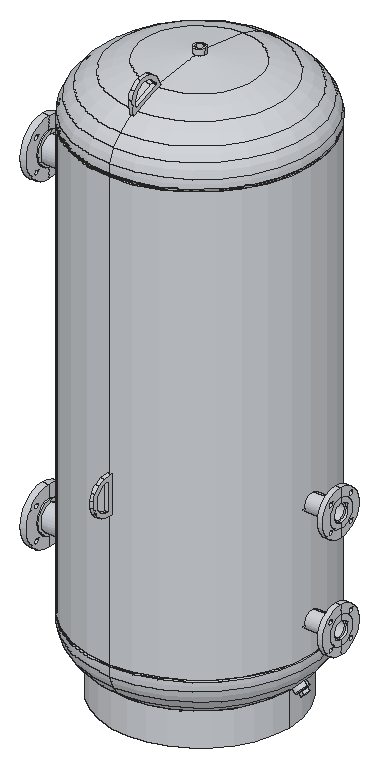
Revit family "HBT-210-23", category Generic Models, Revit 2014
Parameters (values of type "HBT-210-23")
  height [instance] = 75"
  URL = "http://westank.com/"
  Tank Volume = 210 gal
  Part Number = 55642123
  Model = "HBT-210-23"
  Maximum Shipping Weight = 426 lbf
  G = 14"
  F = 28"
  E = 58"
  Description = "Wessels ASME 4 Port Hot Water Buffer Tanks (HBT) are designed for use with today’s high efficiency systems that incorporate small modular low-mass boiler."
  D = 76 1/2"
  C = 30"
  B = 3"
  A = 2"
Reference planes (in)
  plane 1 "Center (Front/Back)": y = 0
  plane 2: z = 0
  plane 3 "Center (Left/Right)": x = 0
  plane 4: through (12.55282, -180, 5.24135) normal (0.8192, 0, -0.5736)
  plane 5: x = -15
  plane 6: x = 15
  plane 7: z = 0
  plane 8: y = 15
  plane 9: y = -15
  plane 10: x = -12
  plane 11: x = 12
  plane 12: z = 76.5
  plane 13: z = 58
  plane 14: z = 28
  plane 15: z = 14
Forms (in)
  Revolve 1, solid
    sketch origin (0, -0.02461, 0) x (0, 1, 0) y (0, 0, 1)
      loop
        line (-14.97539, 9.87397) -> (-14.812, 9.87397)
        arc (-14.812, 9.87397) -> (-14.83596, 9.78454) -> (-14.90143, 9.71907) r 0.17887
        arc (-14.90143, 9.71907) -> (-14.94991, 9.64836) -> (-14.97579, 9.56662) r 0.29232
        arc (-14.97579, 9.56662) -> (-14.96586, 8.98455) -> (-14.89468, 8.40676) r 5.51955
        arc (-14.89468, 8.40676) -> (-14.65184, 7.56116) -> (-14.23912, 6.78419) r 4.22443
        arc (-14.23912, 6.78419) -> (-13.71208, 6.0842) -> (-13.11424, 5.44361) r 8.30764
        arc (-13.11424, 5.44361) -> (-11.99363, 4.5369) -> (-10.73315, 3.83755) r 8.30764
        arc (-10.73315, 3.83755) -> (-9.02248, 3.06195) -> (-7.23223, 2.49367) r 15.88746
        arc (-7.23223, 2.49367) -> (-3.63165, 1.79117) -> (0.02461, 1.49214) r 33.04234
        line (0.02461, 1.49214) -> (0.02461, 1.66407)
        arc (0.02461, 1.66407) -> (-3.61037, 1.96174) -> (-7.19, 2.66027) r 32.87047
        arc (-7.19, 2.66027) -> (-8.96351, 3.22342) -> (-10.65802, 3.99223) r 15.71558
        arc (-10.65802, 3.99223) -> (-11.8952, 4.67783) -> (-12.99495, 5.56734) r 8.13577
        arc (-12.99495, 5.56734) -> (-13.58042, 6.19468) -> (-14.09655, 6.88019) r 8.13577
        arc (-14.09655, 6.88019) -> (-14.49248, 7.62554) -> (-14.72544, 8.43674) r 4.05256
        arc (-14.72544, 8.43674) -> (-14.79395, 8.9901) -> (-14.80447, 9.54759) r 5.34767
        arc (-14.80447, 9.54759) -> (-14.7971, 9.56945) -> (-14.78569, 9.5895) r 0.12044
        arc (-14.78569, 9.5895) -> (-14.67439, 9.72277) -> (-14.64064, 9.89308) r 0.35074
        line (-14.64064, 9.89308) -> (-14.84715, 9.89308) -> (-14.84715, 68.08064) -> (-14.64151, 68.08064)
        arc (-14.64151, 68.08064) -> (-14.67184, 68.25757) -> (-14.78573, 68.39633) r 0.35074
        arc (-14.78573, 68.39633) -> (-14.79712, 68.41638) -> (-14.80449, 68.43823) r 0.12045
        arc (-14.80449, 68.43823) -> (-14.79397, 68.99572) -> (-14.72546, 69.54908) r 5.34768
        arc (-14.72546, 69.54908) -> (-14.4925, 70.36028) -> (-14.09657, 71.10564) r 4.05257
        arc (-14.09657, 71.10564) -> (-13.58043, 71.79115) -> (-12.99497, 72.41848) r 8.13578
        arc (-12.99497, 72.41848) -> (-11.89524, 73.30799) -> (-10.65807, 73.99358) r 8.13578
        arc (-10.65807, 73.99358) -> (-8.96355, 74.76239) -> (-7.19005, 75.32553) r 15.71558
        arc (-7.19005, 75.32553) -> (-3.61055, 76.02404) -> (0.02429, 76.32172) r 32.87045
        line (0.02429, 76.32172) -> (0.02429, 76.49546)
        arc (0.02429, 76.49546) -> (-3.63245, 76.19641) -> (-7.2335, 75.49382) r 33.04334
        arc (-7.2335, 75.49382) -> (-9.02402, 74.92542) -> (-10.73493, 74.14967) r 15.88853
        arc (-10.73493, 74.14967) -> (-11.99625, 73.44992) -> (-13.11754, 72.54258) r 8.30893
        arc (-13.11754, 72.54258) -> (-13.7162, 71.90114) -> (-14.24389, 71.20015) r 8.30923
        arc (-14.24389, 71.20015) -> (-14.65697, 70.4227) -> (-14.90005, 69.57655) r 4.22701
        arc (-14.90005, 69.57655) -> (-14.97148, 68.99602) -> (-14.98111, 68.41119) r 5.52257
        arc (-14.98111, 68.41119) -> (-14.95423, 68.32481) -> (-14.90267, 68.25048) r 0.29803
        arc (-14.90267, 68.25048) -> (-14.837, 68.18345) -> (-14.81302, 68.09272) r 0.18362
        line (-14.81302, 68.09272) -> (-14.97539, 68.09272) -> (-14.97539, 9.87397)
      axis (0.02461, 1.49214) -> (0.02461, 76.49546)
    angle from 0 to 360
  Revolve 2, solid
    sketch origin (-2, 0, 43.49869) x (-1, 0, 0) y (0, 0, 1)
      loop
        line (17.81367, 12.75376) -> (17.81367, 12.37446) -> (18.06367, 12.37446) -> (18.06367, 10.7502) -> (18.9375, 10.7502) -> (18.9375, 12.18553) -> (19, 12.18553) -> (19, 12.75376) -> (17.81367, 12.75376)
      axis (19, 14.50013) -> (17.81367, 14.50013)
    angle from 0 to 360
  Revolve 3, solid
    sketch origin (-1.82085, 0, 2.88409) x (0.981353, 0, -0.192215) y (0.192215, 0, 0.981353)
      loop
        line (14.71753, 6.11956) -> (14.66586, 6.1556) -> (14.25436, 5.56561) -> (14.86992, 5.13627) -> (15.24588, 5.6753) -> (15.19462, 5.71106) -> (15.31904, 5.88945) -> (14.80641, 6.24699) -> (14.71753, 6.11956)
      axis (14.25436, 5.56561) -> (14.86992, 5.13627)
    angle from 0 to 360
  Extrusion 4, solid
    sketch origin (13.38203, -180, 6.13049) x (0.718765, 0, 0.695254) y (0, -1, 0)
      loop
        line (-0.16036, -179.52645) -> (-0.95521, -179.68698) -> (-0.79485, -180.48095) -> (0, -180.32042) -> (-0.16036, -179.52645)
    from 1.02698 to 1.52678
  Extrusion 5, solid
    sketch origin (0, -3.06035, 6.47257) x (0, 1, 0) y (0, 0, 1)
      loop
        line (-11.93439, 21.33067) -> (-11.93439, 26.202)
        arc (-11.93439, 26.202) -> (-12.47846, 26.15164) -> (-13.01533, 26.05008) r 5.77422
        arc (-13.01533, 26.05008) -> (-13.49297, 25.89754) -> (-13.94252, 25.67548) r 3.35288
        arc (-13.94252, 25.67548) -> (-14.34081, 25.36666) -> (-14.64962, 24.96837) r 2.0073
        arc (-14.64962, 24.96837) -> (-14.80343, 24.58932) -> (-14.88788, 24.18906) r 2.30742
        arc (-14.88788, 24.18906) -> (-14.91277, 23.77188) -> (-14.88788, 23.3547) r 3.50846
        arc (-14.88788, 23.3547) -> (-14.79412, 22.92876) -> (-14.61961, 22.52904) r 2.24053
        arc (-14.61961, 22.52904) -> (-14.27401, 22.08806) -> (-13.80999, 21.77406) r 1.8078
        arc (-13.80999, 21.77406) -> (-13.34321, 21.55591) -> (-12.84107, 21.44044) r 2.44481
        arc (-12.84107, 21.44044) -> (-12.39043, 21.36326) -> (-11.93439, 21.33067) r 4.65484
      loop
        arc (-12.44611, 25.63929) -> (-12.67227, 25.60073) -> (-12.89654, 25.55235) r 5.2625
        arc (-12.89654, 25.55235) -> (-13.30128, 25.42308) -> (-13.68221, 25.23491) r 2.84116
        arc (-13.68221, 25.23491) -> (-13.97364, 25.01013) -> (-14.20134, 24.72098) r 1.49558
        arc (-14.20134, 24.72098) -> (-14.3163, 24.43235) -> (-14.37979, 24.12821) r 1.7957
        arc (-14.37979, 24.12821) -> (-14.40106, 23.77188) -> (-14.37979, 23.41555) r 2.99674
        arc (-14.37979, 23.41555) -> (-14.30745, 23.08689) -> (-14.17279, 22.77846) r 1.72881
        arc (-14.17279, 22.77846) -> (-13.91552, 22.45353) -> (-13.56884, 22.22643) r 1.29608
        arc (-13.56884, 22.22643) -> (-13.1779, 22.0402) -> (-12.75531, 21.94566) r 1.9331
        arc (-12.75531, 21.94566) -> (-12.60126, 21.91347) -> (-12.44611, 21.88716) r 4.14312
        line (-12.44611, 21.88716) -> (-12.44611, 25.63929)
    from -0.24366 to 0.25634
  Extrusion 6, solid
    sketch origin (0, -26.96034, 55.24184) x (0, 0.366501, -0.930418) y (0, 0.930418, 0.366501)
      loop
        arc (-12.0461, 25.71684) -> (-12.27227, 25.67827) -> (-12.49653, 25.62989) r 5.2625
        arc (-12.49653, 25.62989) -> (-12.90127, 25.50063) -> (-13.28221, 25.31246) r 2.84116
        arc (-13.28221, 25.31246) -> (-13.57363, 25.08767) -> (-13.80134, 24.79853) r 1.49558
        arc (-13.80134, 24.79853) -> (-13.9163, 24.50989) -> (-13.97979, 24.20576) r 1.7957
        arc (-13.97979, 24.20576) -> (-14.00105, 23.84943) -> (-13.97979, 23.4931) r 2.99674
        arc (-13.97979, 23.4931) -> (-13.90744, 23.16443) -> (-13.77279, 22.85601) r 1.72881
        arc (-13.77279, 22.85601) -> (-13.51552, 22.53108) -> (-13.16884, 22.30397) r 1.29608
        arc (-13.16884, 22.30397) -> (-12.77789, 22.11774) -> (-12.35531, 22.02321) r 1.9331
        arc (-12.35531, 22.02321) -> (-12.20126, 21.99102) -> (-12.0461, 21.9647) r 4.14312
        line (-12.0461, 21.9647) -> (-12.0461, 25.71684)
      loop
        line (-11.21056, 21.38893) -> (-11.21056, 26.21559)
        arc (-11.21056, 26.21559) -> (-12.19615, 26.22001) -> (-13.14349, 25.94808) r 3.48194
        arc (-13.14349, 25.94808) -> (-13.66357, 25.64991) -> (-14.11481, 25.25524) r 3.03185
        arc (-14.11481, 25.25524) -> (-14.39878, 24.60234) -> (-14.51622, 23.90011) r 2.91879
        arc (-14.51622, 23.90011) -> (-14.4511, 23.22451) -> (-14.20241, 22.59298) r 2.44012
        arc (-14.20241, 22.59298) -> (-13.8323, 22.13222) -> (-13.33474, 21.8133) r 1.83162
        arc (-13.33474, 21.8133) -> (-12.29509, 21.48877) -> (-11.21056, 21.38893) r 5.1769
    from -0.24366 to 0.25634
  Extrusion 7, solid
    sketch origin (0, 0, 4.6083) x (1, 0, 0) y (0, 1, 0)
      loop
        circle (0, 0) r 0.75
      loop
        circle (0, 0) r 0.5
    from 71.36613 to 72.49354
  Extrusion 8, void
    sketch origin (0.18835, 0.13917, 43.91629) x (0, 1, 0) y (0, 0, -1)
      loop
        circle (1.95902, -16.21103) r 0.37532
      loop
        circle (2.0068, -11.95417) r 0.37532
      loop
        circle (-2.26242, -16.18597) r 0.37532
      loop
        circle (-2.23501, -11.97923) r 0.37532
    from 16.8799 to 22.93835
  Extrusion 9, void
    sketch origin (0, 0, 0) x (1, 0, 0) y (0, 1, 0)
      loop
        circle (0, 0) r 0.5
    from 73.75623 to 78.80827
  Revolve 10, solid
    sketch origin (0, 0, 0) x (1, 0, 0) y (0, 0, 1)
      loop
        line (11.87609, 4.44941) -> (11.87609, 0) -> (12, 0) -> (12, 4.44941) -> (11.87609, 4.44941)
      axis (0, 4.44941) -> (0, 0)
    angle from 0 to 360
  Revolve 11, solid
    sketch origin (0.18835, 0, 43.49878) x (1, 0, 0) y (0, 0, 1)
      loop
        line (-14.37585, 12.96677) -> (-20.86949, 12.96677) -> (-20.86949, 12.74998) -> (-14.37585, 12.74998) -> (-14.37585, 12.96677)
      axis (-20.86949, 14.50013) -> (-14.37585, 14.50013)
    angle from 0 to 360
  Revolve 12, solid
    sketch origin (-2, 0, -0.50163) x (-1, 0, 0) y (0, 0, 1)
      loop
        line (17.81367, 12.75376) -> (17.81367, 12.37446) -> (18.06367, 12.37446) -> (18.06367, 10.7502) -> (18.9375, 10.7502) -> (18.9375, 12.18553) -> (19, 12.18553) -> (19, 12.75376) -> (17.81367, 12.75376)
      axis (19, 14.50013) -> (17.81367, 14.50013)
    angle from 0 to 360
  Revolve 13, solid
    sketch origin (0.18835, 0, -0.50153) x (1, 0, 0) y (0, 0, 1)
      loop
        line (-14.37585, 12.96677) -> (-20.86949, 12.96677) -> (-20.86949, 12.74998) -> (-14.37585, 12.74998) -> (-14.37585, 12.96677)
      axis (-20.86949, 14.50013) -> (-14.37585, 14.50013)
    angle from 0 to 360
  Extrusion 14, void
    sketch origin (0.18835, 0.13917, -0.08402) x (0, 1, 0) y (0, 0, -1)
      loop
        circle (1.95902, -16.21103) r 0.37532
      loop
        circle (2.0068, -11.95417) r 0.37532
      loop
        circle (-2.26242, -16.18597) r 0.37532
      loop
        circle (-2.23501, -11.97923) r 0.37532
    from 16.8799 to 22.93835
  Extrusion 15, void
    sketch origin (-28.30289, 0, -0.25308) x (0, 1, 0) y (0, 0, 1)
      loop
        circle (0, 14.25) r 1.53336
    from 0.25634 to 23.93552
  Extrusion 16, void
    sketch origin (-28.30289, 0, 43.74723) x (0, 1, 0) y (0, 0, 1)
      loop
        circle (0, 14.25) r 1.53336
    from 0.25634 to 23.93552
  Extrusion 17, void
    sketch origin (0.90101, 0, -9.75098) x (0, 1, 0) y (0, 0, 1)
      loop
        circle (0, 23.75098) r 1.03153
    from 10.06157 to 17.27456
  Revolve 18, solid
    sketch origin (-7.11882, 0, 1.28348) x (1, 0, 0) y (0, 0, 1)
      loop
        line (24.99382, 11.53157) -> (24.99382, 10.96875) -> (25.24382, 10.96875) -> (25.24382, 9.71837) -> (25.93132, 9.71837) -> (25.93132, 10.90594) -> (25.99382, 10.90594) -> (25.99382, 11.53157) -> (24.99382, 11.53157)
      axis (25.99382, 12.71652) -> (24.99382, 12.71652)
    angle from 0 to 360
  Revolve 19, solid
    sketch origin (-5.17131, 0, 1.5) x (-1, 0, 0) y (0, 0, -1)
      loop
        line (-17.17131, -11.46847) -> (-17.17131, -11.31445) -> (-23.67131, -11.31445) -> (-23.67131, -11.46847) -> (-17.17131, -11.46847)
      axis (-23.67131, -12.5) -> (-17.17131, -12.5)
    angle from 0 to 360
  Extrusion 20, void
    sketch origin (2.87592, 0, 1.00195) x (0, 1, 0) y (0, 0, 1)
      loop
        circle (1.68454, 14.67389) r 0.38273
      loop
        circle (-1.69766, 14.67389) r 0.37635
      loop
        circle (-1.66641, 11.31003) r 0.35289
      loop
        circle (1.70166, 11.31003) r 0.37084
    from 13.49462 to 18.49167
  Revolve 21, solid
    sketch origin (-7.11882, 0, 15.28348) x (1, 0, 0) y (0, 0, 1)
      loop
        line (24.99382, 11.53157) -> (24.99382, 10.96875) -> (25.24382, 10.96875) -> (25.24382, 9.71837) -> (25.93132, 9.71837) -> (25.93132, 10.90594) -> (25.99382, 10.90594) -> (25.99382, 11.53157) -> (24.99382, 11.53157)
      axis (25.99382, 12.71652) -> (24.99382, 12.71652)
    angle from 0 to 360
  Revolve 22, solid
    sketch origin (-5.17131, 0, 15.5) x (-1, 0, 0) y (0, 0, -1)
      loop
        line (-17.17131, -11.46847) -> (-17.17131, -11.31445) -> (-23.67131, -11.31445) -> (-23.67131, -11.46847) -> (-17.17131, -11.46847)
      axis (-23.67131, -12.5) -> (-17.17131, -12.5)
    angle from 0 to 360
  Extrusion 23, void
    sketch origin (2.87592, 0, 15.00195) x (0, 1, 0) y (0, 0, 1)
      loop
        circle (1.68454, 14.67389) r 0.38273
      loop
        circle (-1.69766, 14.67389) r 0.37635
      loop
        circle (-1.66641, 11.31003) r 0.35289
      loop
        circle (1.70166, 11.31003) r 0.37084
    from 13.49462 to 18.49167
  Extrusion 24, void
    sketch origin (0.90101, 0, 4.24902) x (0, 1, 0) y (0, 0, 1)
      loop
        circle (0, 23.75098) r 1.03153
    from 10.06157 to 17.27456
Cuts and joins
  joined: Extrusion 4, Extrusion 5, Extrusion 6, Extrusion 7, Revolve 10
  Extrusion 9, Extrusion 15, Extrusion 16, Extrusion 17, Extrusion 24 cuts Revolve 1
  Extrusion 8, Extrusion 14 cuts Revolve 2
  Extrusion 14 cuts Revolve 12
  Extrusion 17 cuts Revolve 19
  Extrusion 20 cuts Revolve 18
  Extrusion 23 cuts Revolve 21
  Extrusion 24 cuts Revolve 22
Dimensions and locks (in)
  "D": plane 12 to level
  "E": plane 13 to plane 7
  "F": plane 14 to plane 7
  "G": plane 15 to plane 7
  "C": plane 6 to plane 5
  aligned and locked: plane 2 to level
  aligned and locked: Revolve 10 sketch curve to plane 3 "Center (Left/Right)"
Automatic sketch dimensions
  Revolve 1 sketch curve to Revolve 1 sketch curve = 0"  (x33)
  Revolve 1 sketch curve to plane 9 = 0"
  Revolve 1 sketch curve to plane 1 "Center (Front/Back)" = 0"  (x2)
  Revolve 1 sketch curve to Revolve 1 sketch curve = 0.01547"
  plane 9 to Revolve 1 sketch curve = 0.01547"
  Revolve 1 sketch curve to Revolve 1 sketch curve = 0.00578"
  Revolve 1 sketch curve to plane 9 = 0.12824"
  Revolve 1 sketch curve to Revolve 1 sketch curve = 0.03413"
  Revolve 1 sketch curve to Revolve 1 sketch curve = 9/256"
  Revolve 1 sketch curve to plane 9 = 0.28821"
  Revolve 1 sketch curve to plane 9 = 0.28822"
  Revolve 1 sketch curve to Revolve 1 sketch curve = 0.00078"
  Revolve 1 sketch curve to Revolve 1 sketch curve = 0.17151"
  Revolve 1 sketch curve to Revolve 1 sketch curve = 0.17135"
  Revolve 1 sketch curve to Revolve 1 sketch curve = 3.94929"
  Revolve 1 sketch curve to Revolve 1 sketch curve = 0.00287"
  Revolve 1 sketch curve to Revolve 1 sketch curve = 3.95216"
  Revolve 1 sketch curve to Revolve 1 sketch curve = 1.2728"
  Revolve 1 sketch curve to Revolve 1 sketch curve = 0.00246"
  Revolve 1 sketch curve to Revolve 1 sketch curve = 1.27526"
  Revolve 1 sketch curve to Revolve 1 sketch curve = 2.11145"
  Revolve 1 sketch curve to Revolve 1 sketch curve = 0.00084"
  Revolve 1 sketch curve to Revolve 1 sketch curve = 0.00187"
  Revolve 1 sketch curve to Revolve 1 sketch curve = 2.11171"
  plane 13 to Revolve 1 sketch curve = 2.0923"
  plane 1 "Center (Front/Back)" to Revolve 1 sketch curve = 3.35442"
  Revolve 1 sketch curve to Revolve 1 sketch curve = 0.00082"
  plane 1 "Center (Front/Back)" to Revolve 1 sketch curve = 3.35353"
  plane 1 "Center (Front/Back)" to Revolve 1 sketch curve = 0.00031"
  Revolve 1 sketch curve to plane 1 "Center (Front/Back)" = 0.86039"
  Revolve 1 sketch curve to Revolve 1 sketch curve = 0.00067"
  Revolve 1 sketch curve to plane 1 "Center (Front/Back)" = 0.86116"
  Revolve 1 sketch curve to Revolve 1 sketch curve = 0.00068"
  plane 14 to Revolve 1 sketch curve = 15.46332"
  Revolve 1 sketch curve to Revolve 1 sketch curve = 0.00077"
  plane 14 to Revolve 1 sketch curve = 6.52326"
  plane 15 to Revolve 1 sketch curve = 3.89417"
  Revolve 1 sketch curve to plane 15 = 2.57575"
  Revolve 1 sketch curve to plane 15 = 4.10692"
  Revolve 1 sketch curve to Revolve 1 sketch curve = 0.01911"  (x2)
  Revolve 1 sketch curve to Revolve 1 sketch curve = 0.35376"
  Revolve 1 sketch curve to Revolve 1 sketch curve = 2 7/128"
  Revolve 1 sketch curve to Revolve 1 sketch curve = 0.22592"
  level to Revolve 1 sketch curve = 1 85/128"
  Revolve 1 sketch curve to Revolve 1 sketch curve = 0.17193"
  plane 13 to Revolve 1 sketch curve = 8.56029"
  Revolve 1 sketch curve to Revolve 1 sketch curve = 0.00123"
  Revolve 1 sketch curve to Revolve 1 sketch curve = 0.00005"
  Revolve 1 sketch curve to Revolve 1 sketch curve = 1.52034"
  Revolve 1 sketch curve to Revolve 1 sketch curve = 0.01209"
  Revolve 1 sketch curve to Revolve 1 sketch curve = 0.3749"
  Revolve 1 sketch curve to Revolve 1 sketch curve = 0.01007"
  Revolve 1 sketch curve to Revolve 1 sketch curve = 2.05124"
  Revolve 1 sketch curve to Revolve 1 sketch curve = 0.00348"
  Revolve 1 sketch curve to Revolve 1 sketch curve = 0.2261"
  Revolve 1 sketch curve to Revolve 1 sketch curve = 0.0033"
  Revolve 1 sketch curve to plane 12 = 0.17828"
  Revolve 1 sketch curve to Revolve 1 sketch curve = 0.17374"
  plane 9 to Revolve 1 sketch curve = 0.0004"
  plane 9 to Revolve 1 sketch curve = 0.00572"
  Revolve 1 sketch curve to plane 9 = 0.07272"
  Revolve 1 sketch curve to plane 9 = 0.07396"
  Revolve 1 sketch curve to Revolve 1 sketch curve = 0.11808"
  Revolve 1 sketch curve to Revolve 1 sketch curve = 0.11729"
  Revolve 1 sketch curve to Revolve 1 sketch curve = 0.01876"
  Revolve 1 sketch curve to Revolve 1 sketch curve = 0.01878"
  Revolve 1 sketch curve to Revolve 1 sketch curve = 0.14732"
  Revolve 1 sketch curve to Revolve 1 sketch curve = 0.97903"
  Revolve 1 sketch curve to Revolve 1 sketch curve = 0.98231"
  Revolve 1 sketch curve to Revolve 1 sketch curve = 0.12257"
  Revolve 1 sketch curve to Revolve 1 sketch curve = 0.1193"
  Revolve 1 sketch curve to Revolve 1 sketch curve = 2.26004"
  Revolve 1 sketch curve to Revolve 1 sketch curve = 2.26179"
  Revolve 1 sketch curve to Revolve 1 sketch curve = 0.07686"
  Revolve 1 sketch curve to Revolve 1 sketch curve = 0.07513"
  Revolve 1 sketch curve to Revolve 1 sketch curve = 1.88017"
  plane 14 to Revolve 1 sketch curve = 0.89308"
  plane 13 to Revolve 2 sketch curve = 2.12686"
  plane 5 to Revolve 2 sketch curve = 4.81367"
  Revolve 2 sketch curve to Revolve 2 sketch curve = 1/4"
  Revolve 2 sketch curve to Revolve 2 sketch curve = 0.87383"
  Revolve 2 sketch curve to Revolve 2 sketch curve = 1/16"
  Revolve 2 sketch curve to Revolve 2 sketch curve = 0.18892"
  Revolve 2 sketch curve to Revolve 2 sketch curve = 1.62426"
  Revolve 2 sketch curve to Revolve 2 sketch curve = 0.3793"
  plane 13 to Revolve 2 sketch curve = 0.00118"
  plane 5 to Revolve 2 sketch curve = 1.33079"
  plane 5 to Revolve 2 sketch curve = 0.648"
  plane 4 to Revolve 3 sketch curve = 0.35169"
  plane 11 to Revolve 3 sketch curve = 1.2375"
  Revolve 3 sketch curve to Revolve 3 sketch curve = 0.4115"
  Revolve 3 sketch curve to Revolve 3 sketch curve = 0.05167"
  Revolve 3 sketch curve to Revolve 3 sketch curve = 0.08888"
  Revolve 3 sketch curve to Revolve 3 sketch curve = 0.61556"
  Revolve 3 sketch curve to Revolve 3 sketch curve = 0.47709"
  Revolve 3 sketch curve to Revolve 3 sketch curve = 0.05126"
  Revolve 3 sketch curve to Revolve 3 sketch curve = 0.42934"
  Revolve 3 sketch curve to Revolve 3 sketch curve = 0.12768"
  Revolve 3 sketch curve to Revolve 3 sketch curve = 0"  (x2)
  Revolve 3 sketch curve to Revolve 3 sketch curve = 0.08905"
  plane 1 "Center (Front/Back)" to Extrusion 4 sketch curve = 0.31302"
  Extrusion 4 sketch curve to plane 1 "Center (Front/Back)" = 0.48095"
  Extrusion 4 sketch curve to Extrusion 4 sketch curve = 0.16036"  (x2)
  plane 1 "Center (Front/Back)" to Extrusion 4 sketch curve = 0.47355"
  Extrusion 4 sketch curve to Extrusion 4 sketch curve = 0.79485"
  Extrusion 4 sketch curve to plane 1 "Center (Front/Back)" = 0.32042"
  Extrusion 5 sketch curve to Extrusion 5 sketch curve = 0"  (x24)
  plane 9 to Extrusion 5 sketch curve = 1.10144"
  Extrusion 5 sketch curve to Extrusion 5 sketch curve = 0.11966"
  Extrusion 5 sketch curve to Extrusion 5 sketch curve = 0.25819"
  Extrusion 5 sketch curve to Extrusion 5 sketch curve = 17/256"
  Extrusion 5 sketch curve to Extrusion 5 sketch curve = 0.04958"
  plane 9 to Extrusion 5 sketch curve = 0.50646"
  plane 9 to Extrusion 5 sketch curve = 0.29731"
  Extrusion 5 sketch curve to plane 9 = 0.00526"
  Extrusion 5 sketch curve to plane 9 = 0.10864"
  Extrusion 5 sketch curve to plane 9 = 0.26481"
  Extrusion 5 sketch curve to plane 9 = 0.53533"
  Extrusion 5 sketch curve to plane 14 = 1.09381"
  Extrusion 5 sketch curve to plane 14 = 0.19675"
  plane 14 to Extrusion 5 sketch curve = 0.35973"
  Extrusion 5 sketch curve to Extrusion 5 sketch curve = 0.90165"
  Extrusion 5 sketch curve to Extrusion 5 sketch curve = 0.62139"
  Extrusion 5 sketch curve to Extrusion 5 sketch curve = 27/128"
  Extrusion 5 sketch curve to Extrusion 5 sketch curve = 0.15076"
  Extrusion 5 sketch curve to Extrusion 5 sketch curve = 0.24641"
  Extrusion 5 sketch curve to Extrusion 5 sketch curve = 0.04716"
  Extrusion 5 sketch curve to Extrusion 5 sketch curve = 0.0326"
  Extrusion 5 sketch curve to Extrusion 5 sketch curve = 1.7246"
  Extrusion 5 sketch curve to Extrusion 5 sketch curve = 0.34507"
  Extrusion 5 sketch curve to Extrusion 5 sketch curve = 0.21764"
  plane 14 to Extrusion 5 sketch curve = 0.699"
  Extrusion 5 sketch curve to Extrusion 5 sketch curve = 1.12273"
  Extrusion 5 sketch curve to Extrusion 5 sketch curve = 0.78568"
  plane 14 to Extrusion 5 sketch curve = 0.24664"
  Extrusion 5 sketch curve to Extrusion 5 sketch curve = 0.24115"
  Extrusion 5 sketch curve to Extrusion 5 sketch curve = 0.2603"
  Extrusion 5 sketch curve to Extrusion 5 sketch curve = 0.51913"
  Extrusion 5 sketch curve to Extrusion 5 sketch curve = 0.44829"
  Extrusion 7 sketch curve to Extrusion 7 sketch curve = 0"  (x2)
  plane 1 "Center (Front/Back)" to Extrusion 7 sketch curve = 0"
  Extrusion 7 sketch curve to plane 3 "Center (Left/Right)" = 0"
  plane 1 "Center (Front/Back)" to Extrusion 8 sketch curve = 2.12326"
  plane 1 "Center (Front/Back)" to Extrusion 8 sketch curve = 2.09584"
  Extrusion 8 sketch curve to plane 1 "Center (Front/Back)" = 2.09819"
  Extrusion 8 sketch curve to plane 1 "Center (Front/Back)" = 2.14597"
  plane 13 to Extrusion 8 sketch curve = 2.12732"
  plane 13 to Extrusion 8 sketch curve = 2.10226"
  Extrusion 8 sketch curve to plane 13 = 2.10448"
  Extrusion 8 sketch curve to plane 13 = 2.12954"
  Extrusion 9 sketch curve to Extrusion 9 sketch curve = 0"  (x2)
  plane 1 "Center (Front/Back)" to Extrusion 9 sketch curve = 0"
  Extrusion 9 sketch curve to plane 3 "Center (Left/Right)" = 0"
  Extrusion 9 sketch curve to plane 3 "Center (Left/Right)" = 1/2"
  Revolve 10 sketch curve to level = 0"
  Revolve 10 sketch curve to plane 11 = 0"
  Revolve 10 sketch curve to plane 11 = 0.12391"
  level to Revolve 10 sketch curve = 4.44941"
  level to Revolve 10 sketch curve = 4.69941"
  Revolve 10 sketch curve to Revolve 10 sketch curve = 1"
  Revolve 11 sketch curve to plane 13 = 1.53445"
  Revolve 11 sketch curve to plane 5 = 5.68114"
  plane 5 to Revolve 11 sketch curve = 13/16"
  Revolve 11 sketch curve to Revolve 11 sketch curve = 0.2168"
  Revolve 11 sketch curve to plane 13 = 0.00109"
  plane 5 to Revolve 11 sketch curve = 0.7032"
  Revolve 11 sketch curve to Revolve 11 sketch curve = 0.36015"
  plane 15 to Revolve 12 sketch curve = 2.12717"
  plane 5 to Revolve 12 sketch curve = 4.81367"
  Revolve 12 sketch curve to Revolve 12 sketch curve = 1/4"
  Revolve 12 sketch curve to Revolve 12 sketch curve = 0.87383"
  Revolve 12 sketch curve to Revolve 12 sketch curve = 1/16"
  Revolve 12 sketch curve to Revolve 12 sketch curve = 0.18892"
  Revolve 12 sketch curve to Revolve 12 sketch curve = 1.62426"
  Revolve 12 sketch curve to Revolve 12 sketch curve = 0.3793"
  plane 15 to Revolve 12 sketch curve = 0.00149"
  plane 5 to Revolve 12 sketch curve = 1.33079"
  plane 5 to Revolve 12 sketch curve = 0.648"
  Revolve 13 sketch curve to plane 15 = 1.53476"
  Revolve 13 sketch curve to plane 5 = 5.68114"
  plane 5 to Revolve 13 sketch curve = 13/16"
  Revolve 13 sketch curve to Revolve 13 sketch curve = 0.2168"
  Revolve 13 sketch curve to plane 15 = 0.0014"
  plane 5 to Revolve 13 sketch curve = 0.7032"
  Revolve 13 sketch curve to Revolve 13 sketch curve = 0.36015"
  plane 1 "Center (Front/Back)" to Extrusion 14 sketch curve = 2.12326"
  plane 1 "Center (Front/Back)" to Extrusion 14 sketch curve = 2.09584"
  Extrusion 14 sketch curve to plane 1 "Center (Front/Back)" = 2.09819"
  Extrusion 14 sketch curve to plane 1 "Center (Front/Back)" = 2.14597"
  plane 15 to Extrusion 14 sketch curve = 2.12701"
  plane 15 to Extrusion 14 sketch curve = 2.10195"
  Extrusion 14 sketch curve to plane 15 = 2.10479"
  Extrusion 14 sketch curve to plane 15 = 2.12986"
  Extrusion 15 sketch curve to Extrusion 15 sketch curve = 0"  (x2)
  Extrusion 15 sketch curve to plane 1 "Center (Front/Back)" = 0"
  Extrusion 15 sketch curve to plane 15 = 0.00308"
  Extrusion 15 sketch curve to Extrusion 15 sketch curve = 1.53336"
  Extrusion 16 sketch curve to Extrusion 16 sketch curve = 0"  (x2)
  Extrusion 16 sketch curve to plane 1 "Center (Front/Back)" = 0"
  Extrusion 16 sketch curve to plane 13 = 0.00277"
  Extrusion 16 sketch curve to Extrusion 16 sketch curve = 1.53336"
  Extrusion 6 sketch curve to plane 12 = 0.88838"
  Extrusion 6 sketch curve to plane 9 = 5.26009"
  Extrusion 6 sketch curve to Extrusion 6 sketch curve = 0.03301"
  Extrusion 6 sketch curve to Extrusion 6 sketch curve = 0.08665"
  Extrusion 6 sketch curve to Extrusion 6 sketch curve = 0.34483"
  Extrusion 6 sketch curve to Extrusion 6 sketch curve = 17/256"
  Extrusion 6 sketch curve to Extrusion 6 sketch curve = 0.04958"
  Extrusion 6 sketch curve to Extrusion 6 sketch curve = 0.06885"
  Extrusion 6 sketch curve to Extrusion 6 sketch curve = 0.15073"
  Extrusion 6 sketch curve to Extrusion 6 sketch curve = 0.36028"
  Extrusion 6 sketch curve to Extrusion 6 sketch curve = 0.06601"
  Extrusion 6 sketch curve to Extrusion 6 sketch curve = 0.11815"
  Extrusion 6 sketch curve to Extrusion 6 sketch curve = 0.47821"
  Extrusion 6 sketch curve to Extrusion 6 sketch curve = 0.6151"
  Extrusion 6 sketch curve to Extrusion 6 sketch curve = 0.15011"
  Extrusion 6 sketch curve to Extrusion 6 sketch curve = 0.77126"
  Extrusion 6 sketch curve to Extrusion 6 sketch curve = 0.22045"
  Extrusion 6 sketch curve to Extrusion 6 sketch curve = 0.59588"
  Extrusion 6 sketch curve to Extrusion 6 sketch curve = 0.3061"
  Extrusion 6 sketch curve to Extrusion 6 sketch curve = 0.31529"
  Extrusion 6 sketch curve to Extrusion 6 sketch curve = 0.0954"
  Extrusion 6 sketch curve to Extrusion 6 sketch curve = 0.80625"
  Extrusion 6 sketch curve to Extrusion 6 sketch curve = 0.57577"
  Extrusion 6 sketch curve to Extrusion 6 sketch curve = 0.87777"
  Extrusion 6 sketch curve to Extrusion 6 sketch curve = 0.00686"
  Extrusion 6 sketch curve to Extrusion 6 sketch curve = 0.20406"
  Extrusion 6 sketch curve to Extrusion 6 sketch curve = 0.59172"
  Extrusion 6 sketch curve to Extrusion 6 sketch curve = 0.09548"
  Extrusion 6 sketch curve to Extrusion 6 sketch curve = 0.07607"
  Extrusion 6 sketch curve to Extrusion 6 sketch curve = 0.15093"
  Extrusion 6 sketch curve to Extrusion 6 sketch curve = 0.04716"
  Extrusion 6 sketch curve to Extrusion 6 sketch curve = 0.0326"
  Extrusion 6 sketch curve to Extrusion 6 sketch curve = 1.7246"
  Extrusion 6 sketch curve to Extrusion 6 sketch curve = 0.34507"
  Extrusion 6 sketch curve to Extrusion 6 sketch curve = 0.15369"
  Extrusion 6 sketch curve to Extrusion 6 sketch curve = 0.34976"
  Extrusion 6 sketch curve to Extrusion 6 sketch curve = 0"  (x6)
  Extrusion 6 sketch curve to Extrusion 6 sketch curve = 0.1659"
  Extrusion 6 sketch curve to Extrusion 6 sketch curve = 0.13872"
  Extrusion 6 sketch curve to Extrusion 6 sketch curve = 0.42962"
  Extrusion 6 sketch curve to Extrusion 6 sketch curve = 0.51913"
  Extrusion 6 sketch curve to Extrusion 6 sketch curve = 0.31348"
  Extrusion 17 sketch curve to Extrusion 17 sketch curve = 0"  (x2)
  Extrusion 17 sketch curve to plane 1 "Center (Front/Back)" = 0"
  Extrusion 17 sketch curve to plane 14 = 14"
  Extrusion 17 sketch curve to Extrusion 17 sketch curve = 1.03153"
  Revolve 18 sketch curve to plane 14 = 15.74777"
  plane 6 to Revolve 18 sketch curve = 2 7/8"
  Revolve 18 sketch curve to Revolve 18 sketch curve = 1/4"
  Revolve 18 sketch curve to Revolve 18 sketch curve = 11/16"
  Revolve 18 sketch curve to Revolve 18 sketch curve = 1/16"
  Revolve 18 sketch curve to Revolve 18 sketch curve = 0.06281"
  Revolve 18 sketch curve to Revolve 18 sketch curve = 1.25038"
  Revolve 18 sketch curve to Revolve 18 sketch curve = 0.62563"
  Revolve 18 sketch curve to plane 14 = 14"
  Revolve 18 sketch curve to Revolve 18 sketch curve = 5 7/8"
  Revolve 18 sketch curve to Revolve 18 sketch curve = 7 1/4"
  Revolve 19 sketch curve to plane 14 = 15.03153"
  plane 6 to Revolve 19 sketch curve = 3 1/2"
  Revolve 19 sketch curve to Revolve 19 sketch curve = 6 1/2"
  Revolve 19 sketch curve to Revolve 19 sketch curve = 0.15401"
  Revolve 19 sketch curve to Revolve 19 sketch curve = 1/4"
  Revolve 19 sketch curve to Revolve 19 sketch curve = 3/4"
  Revolve 19 sketch curve to plane 14 = 14"
  Extrusion 20 sketch curve to plane 14 = 12.32416"  (x2)
  plane 1 "Center (Front/Back)" to Extrusion 20 sketch curve = 1.69766"
  plane 1 "Center (Front/Back)" to Extrusion 20 sketch curve = 1.66641"
  Extrusion 20 sketch curve to plane 1 "Center (Front/Back)" = 1.68454"
  Extrusion 20 sketch curve to plane 1 "Center (Front/Back)" = 1.70166"
  Extrusion 20 sketch curve to plane 14 = 15.68801"  (x2)
  Revolve 21 sketch curve to plane 14 = 1.74777"
  plane 6 to Revolve 21 sketch curve = 2 7/8"
  Revolve 21 sketch curve to Revolve 21 sketch curve = 1/4"
  Revolve 21 sketch curve to Revolve 21 sketch curve = 11/16"
  Revolve 21 sketch curve to Revolve 21 sketch curve = 1/16"
  Revolve 21 sketch curve to Revolve 21 sketch curve = 0.06281"
  Revolve 21 sketch curve to Revolve 21 sketch curve = 1.25038"
  Revolve 21 sketch curve to Revolve 21 sketch curve = 0.62563"
  Revolve 21 sketch curve to Revolve 21 sketch curve = 5 7/8"
  Revolve 21 sketch curve to Revolve 21 sketch curve = 7 1/4"
  Revolve 21 sketch curve to plane 14 = 0"
  Revolve 22 sketch curve to plane 14 = 1.03153"
  plane 6 to Revolve 22 sketch curve = 3 1/2"
  Revolve 22 sketch curve to Revolve 22 sketch curve = 6 1/2"
  Revolve 22 sketch curve to Revolve 22 sketch curve = 0.15401"
  Revolve 22 sketch curve to Revolve 22 sketch curve = 1/4"
  Revolve 22 sketch curve to Revolve 22 sketch curve = 3/4"
  Revolve 22 sketch curve to Revolve 22 sketch curve = 1.03153"
  plane 1 "Center (Front/Back)" to Extrusion 23 sketch curve = 1.69766"
  plane 1 "Center (Front/Back)" to Extrusion 23 sketch curve = 1.66641"
  Extrusion 23 sketch curve to plane 1 "Center (Front/Back)" = 1.68454"
  Extrusion 23 sketch curve to plane 1 "Center (Front/Back)" = 1.70166"
  Extrusion 23 sketch curve to plane 14 = 1.68801"
  Extrusion 23 sketch curve to Extrusion 23 sketch curve = 0"
  Extrusion 23 sketch curve to Extrusion 23 sketch curve = 3.36385"  (x2)
  Extrusion 24 sketch curve to Extrusion 24 sketch curve = 0"  (x2)
  Extrusion 24 sketch curve to plane 1 "Center (Front/Back)" = 0"
  Extrusion 24 sketch curve to plane 14 = 0"
  Extrusion 24 sketch curve to Extrusion 24 sketch curve = 1.03153"
  radius of Extrusion 7 sketch curve = 3/4"
  radius of Extrusion 7 sketch curve = 1/2"
  radius of Extrusion 8 sketch curve = 0.37532"  (x4)
  radius of Extrusion 14 sketch curve = 0.37532"  (x4)
  radius of Extrusion 20 sketch curve = 0.38273"
  radius of Extrusion 20 sketch curve = 0.37635"
  radius of Extrusion 20 sketch curve = 0.35289"
  radius of Extrusion 20 sketch curve = 0.37084"
  radius of Extrusion 23 sketch curve = 0.38273"
  radius of Extrusion 23 sketch curve = 0.37635"
  radius of Extrusion 23 sketch curve = 0.35289"
  radius of Extrusion 23 sketch curve = 0.37084"
Connectors (in)
  piping at (-21, 0, 57.99882), diameter 3, driven by "B"
    settings: on Revolve 2, index 1, connector inside diameter 24", connector length 0", flow factor 0, pipe flow 0 GPM, pressure drop 0.00 psi, fitting loss kfactor 0, connector angle 0.00°, fixture units 0, engagement length 0", angle of deflection 0.00°, flow configuration 0, flow direction 0, fitting loss method 0, system type 7, joint type 0, gender type 0, connector reference index -1, connector utility 0, adjustable connector no, is connector primary yes, connector description ""
  piping at (-21, 0, 13.99851), diameter 3, driven by "B"
    settings: on Revolve 12, index 4, connector inside diameter 24", connector length 0", flow factor 0, pipe flow 0 GPM, pressure drop 0.00 psi, fitting loss kfactor 0, connector angle 0.00°, fixture units 0, engagement length 0", angle of deflection 0.00°, flow configuration 0, flow direction 0, fitting loss method 0, system type 7, joint type 0, gender type 0, connector reference index -1, connector utility 0, adjustable connector no, is connector primary no, connector description ""
  piping at (18.875, 0, 28), diameter 2, driven by "A"
    settings: on Revolve 21, index 5, connector inside diameter 24", connector length 0", flow factor 0, pipe flow 0 GPM, pressure drop 0.00 psi, fitting loss kfactor 0, connector angle 0.00°, fixture units 0, engagement length 0", angle of deflection 0.00°, flow configuration 0, flow direction 0, fitting loss method 0, system type 7, joint type 0, gender type 0, connector reference index -1, connector utility 0, adjustable connector no, is connector primary no, connector description ""
  piping at (18.875, 0, 14), diameter 2, driven by "A"
    settings: on Revolve 18, index 6, connector inside diameter 24", connector length 0", flow factor 0, pipe flow 0 GPM, pressure drop 0.00 psi, fitting loss kfactor 0, connector angle 0.00°, fixture units 0, engagement length 0", angle of deflection 0.00°, flow configuration 0, flow direction 0, fitting loss method 0, system type 7, joint type 0, gender type 0, connector reference index -1, connector utility 0, adjustable connector no, is connector primary no, connector description ""
